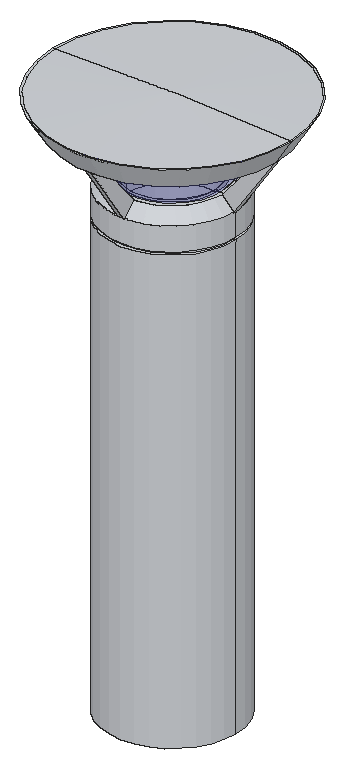
Revit family "77586_HOST_GND", category Lighting Fixtures, host Floor, Revit 2012
Parameters (values of type "Bollards")
  Wattage = 20.1963 W
  built-in parameter 1150110 = 1 (stored number, unit not read)
  URL = "www.bega-us.com"
  built-in parameter 1114217 = 1 (stored number, unit not read)
  Tilt Angle = 90.00°
  built-in parameter 1150109 = 1 (stored number, unit not read)
  built-in parameter 1150134 = 12
  Telephone = "805.684.0533"
  built-in parameter 1150113 = 1 (stored number, unit not read)
  Photometric Web File = "77586.IES"
  Model = "77586"
  Manufacturer = "BEGA-US"
  built-in parameter 1150105 = 238.73 (stored number, unit not read)
  Lumens = 3000 lm
  built-in parameter 1150115 = 1 (stored number, unit not read)
  built-in parameter 1150137 = (empty or 0)
  built-in parameter 1150139 = (empty or 0)
  built-in parameter 1150112 = 1 (stored number, unit not read)
  built-in parameter 1150114 = 1 (stored number, unit not read)
  Lamp = "30W LED"
  built-in parameter 1150132 = 2
  built-in parameter 1150102 = (empty or 0)
  built-in parameter 1150107 = 4000 (stored number, unit not read)
  built-in parameter 1150138 = (empty or 0)
  built-in parameter 1150106 = 2.3873 (stored number, unit not read)
  built-in parameter 1150104 = 13.8 (stored number, unit not read)
  Dimming Lamp Color Temperature Shift = <None>
  Description = "Bollard with indirect light source"
  Color Filter = 16777215
  built-in parameter 1114218 = 1 (stored number, unit not read)
  built-in parameter 1150133 = 10 (stored number, unit not read)
Reference planes (in)
  plane 1 "Center (Front/Back)": y = 0
  plane 2: z = 0
  plane 3 "Center (Left/Right)": x = 0
Dimensions and locks (in)
  equal spacing: host sketch curve, plane 1 "Center (Front/Back)", host sketch curve
  equal spacing: host sketch curve, plane 3 "Center (Left/Right)", host sketch curve
  host sketch curve to host sketch curve = 10' - 0"  (x2)
  aligned and locked: level to plane 2
Nested families (in)
  nested 1: "8547MH" at (0, 0, 0), type "8547MH"
Connectors (in)
  electrical at (0, 0, 0)
    settings: on host floor, index 1, voltage 0 V, apparent load 0 VA, apparent load phase1 0 VA, apparent load phase2 0 VA, apparent load phase3 0 VA, power factor 1, load classification "Other", number of poles 1, system type 31, power factor state 1, is connector primary yes, connector utility no, sub classification motor no, connector description ""
Definition of nested family "8547MH"
  Reference planes (in)
    plane 1 "Center (Front/Back)": y = 0
    plane 2: z = 0
    plane 3 "Center (Left/Right)": x = 0
  Forms (in)
    Revolve 1, solid
      sketch origin (0, 0, 0) x (1, 0, 0) y (0, 0, 1)
        loop
          line (0, 0) -> (2.75, 0) -> (2.75, 19) -> (2.625, 19) -> (2.625, 19.125) -> (2.25, 19.125) -> (2.25, 0.375) -> (0, 0.375) -> (0, 0)
        axis (0, 19.125) -> (0, 0)
      angle from 0 to 360
    Revolve 2, solid
      sketch origin (0, 0, 0) x (1, 0, 0) y (0, 0, 1)
        loop
          line (2, 19.125) -> (2.625, 19.125) -> (2.75, 19.125) -> (2.75, 20.125) -> (2.25, 20.625) -> (2, 20.625) -> (2, 19.125)
        axis (0, 20.625) -> (0, 19.125)
      angle from 0 to 360
    Extrusion 3, solid
      sketch origin (0, 0, 0) x (1, 0, 0) y (0, 0, 1)
        loop
          line (2.25, 20.625) -> (2.75, 20.125) -> (4.5, 22.625) -> (3.9282, 22.625) -> (2.25, 20.625)
      from 0.125 to -0.125
    Extrusion 4, solid
      sketch origin (0, 0, 0) x (-1, 0, 0) y (0, 0, -1)
        loop
          line (2.25, -20.625) -> (3.9282, -22.625) -> (4.5, -22.625) -> (2.75, -20.125) -> (2.25, -20.625)
      from 0.125 to -0.125
    Revolve 5, solid
      sketch origin (0, 0, 0) x (1, 0, 0) y (0, 0, 1)
        loop
          line (4.5, 22.625) -> (5.125, 23.625) -> (5.05556, 23.625) -> (0, 23.75) -> (0, 22.625) -> (4.5, 22.625)
        axis (0, 22.625) -> (0, 23.75)
      angle from 0 to 360
    Extrusion 6, solid
      sketch origin (0, 0, 0) x (0, -1, 0) y (0, 0, 1)
        loop
          line (2.25, 20.625) -> (2.75, 20.125) -> (4.5, 22.625) -> (3.9282, 22.625) -> (2.25, 20.625)
      from 0.125 to -0.125
    Extrusion 7, solid
      sketch origin (0, 0, 0) x (0, 1, 0) y (0, 0, -1)
        loop
          line (2.25, -20.625) -> (3.9282, -22.625) -> (4.5, -22.625) -> (2.75, -20.125) -> (2.25, -20.625)
      from 0.125 to -0.125
    Revolve 8, solid, material "Glass"
      sketch origin (0, 0, 0) x (1, 0, 0) y (0, 0, 1)
        loop
          line (-3.8032, 22.625) -> (-2.125, 20.625) -> (-1.875, 20.625) -> (-3.5532, 22.625) -> (-3.8032, 22.625)
        axis (0, 20.625) -> (0, 22.625)
      angle from 0 to 360
    Revolve 9, void
      sketch origin (0, 0, 0) x (1, 0, 0) y (0, 0, 1)
        loop
          line (0, 0) -> (-2.75, 0) -> (-2.75, -10) -> (0, -10) -> (0, 0)
        axis (0, 0) -> (0, -10)
      angle from 0 to 360
  Dimensions and locks (in)
    aligned and locked: plane 2 to level
